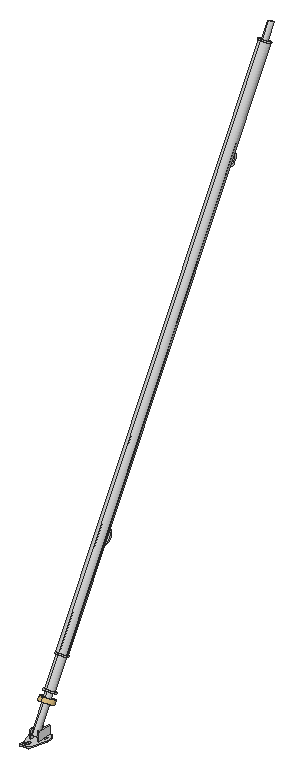
Revit family "PUSH-PULL PROP 6-10_1900207", category Generic Models, Revit 2018
Family settings
  Can host rebar = No
  Round Connector Dimension = Use Diameter
  Part Type = Normal
  OmniClass Number = 35.51.14.00
  OmniClass Title = FORMWORK
  Work Plane-Based = Yes
  Always vertical = No
  Cut with Voids When Loaded = No
  Shared = Yes
  Room Calculation Point = No
Parameters
  VERSION = "20170217"  # constant formula
  URL = "www.ulmaconstruction.com/en"
  UNICLASS = ""
  Manufacturer = "ULMA CONSTRUCTION"  # constant formula
  LENGTH [instance] = 6000.000 mm
  ITEM_CODE = "1900207"
  FILTER [instance] = ""
  Default Elevation = 0.000 mm
  CLASSIFICATION_TITLE = ""
  CLASSIFICATION_NUMBER = ""
  ANGLE [instance] = 30.00°
Reference planes
  plane 1 "Centro (Frontal/Posterior)": y = 0
  plane 2: z = 0
  plane 3 "Centro (Izquierda/Derecha)": x = 0
  plane 4: y = 90
  plane 5: z = 70
Forms (mm)
  Extrusion 1, solid, material "ULMA ZINC", detail levels fine
    sketch origin (0, 0, 0) x (0, 1, 0) y (-1, 0, 0)
      loop
        arc (214.96, 42) -> (199.641, 76.056) -> (165, 90) r 50
        line (165, 90) -> (125, 90) -> (-15, 44.511) -> (-15, 12.5) -> (0, 12.5)
        arc (0, 12.5) -> (12.5, 0) -> (0, -12.5) r 12.5
        line (0, -12.5) -> (-27.5, -12.5)
        arc (-27.5, -12.5) -> (-36.339, -8.839) -> (-40, 0) r 12.5
        line (-40, 0) -> (-40, 45) -> (-65, 45) -> (-65, -22.272)
        arc (-65, -22.272) -> (-58.478, -40.947) -> (-41.749, -51.503) r 30
        line (-41.749, -51.503) -> (125, -90) -> (165, -90)
        arc (165, -90) -> (199.641, -76.056) -> (214.96, -42) r 50
        line (214.96, -42) -> (214.96, 42)
      loop
        circle (140, 65) r 10.5
      loop
        circle (140, -65) r 10.5
    from 0 to 10
  Extrusion 2, solid, material "ULMA ZINC", detail levels fine
    sketch origin (0, 0, 0) x (0, 1, 0) y (0, 0, 1)
      loop
        line (65, 10) -> (215, 10) -> (215, 85) -> (205, 95) -> (75, 95) -> (65, 85) -> (65, 10)
    from -42 to -32
  Extrusion 3, solid, material "ULMA ZINC", detail levels fine
    sketch origin (0, 0, 0) x (0, 1, 0) y (0, 0, 1)
      loop
        line (65, 10) -> (215, 10) -> (215, 85) -> (205, 95) -> (75, 95) -> (65, 85) -> (65, 10)
    from 32 to 42
  Extrusion 4, solid, material "ULMA ZINC", detail levels coarse+medium
    sketch origin (0, 0, 0) x (0, 1, 0) y (-1, 0, 0)
      loop
        arc (214.96, 42) -> (199.641, 76.056) -> (165, 90) r 50
        line (165, 90) -> (125, 90) -> (-65, 28.265) -> (-65, -46.135) -> (125, -90) -> (165, -90)
        arc (165, -90) -> (199.641, -76.056) -> (214.96, -42) r 50
        line (214.96, -42) -> (214.96, 42)
    from 0 to 10
  Extrusion 5, solid, material "ULMA ZINC", detail levels coarse+medium
    sketch origin (0, 0, 0) x (0, 1, 0) y (0, 0, 1)
      loop
        line (65, 10) -> (215, 10) -> (215, 95) -> (65, 95) -> (65, 10)
    from -42 to 42
Cuts and joins
  joined: Extrusion 1, Extrusion 2
Lines and regions (mm)
  model lines, style "ULMA PUSH-PULL PROP", detail levels fine
    curve 1: circle (42, 190, 70) r 8.5 normal (1, 0, 0)
    curve 2: circle (42, 90, 70) r 8.5 normal (1, 0, 0)
    curve 3: circle (-42, 190, 70) r 8.5 normal (1, 0, 0)
    curve 4: circle (-42, 90, 70) r 8.5 normal (1, 0, 0)
    curve 5: circle (-32, 190, 70) r 8.5 normal (1, 0, 0)
    curve 6: circle (-32, 90, 70) r 8.5 normal (1, 0, 0)
    curve 7: circle (32, 190, 70) r 8.5 normal (1, 0, 0)
    curve 8: circle (32, 90, 70) r 8.5 normal (1, 0, 0)
  reference lines
    curve 9: line (0, 90, 70) -> (0, 402.5, 611.266)
Dimensions and locks
  locked: plane 1 "Centro (Frontal/Posterior)" to plane 4 at 90
  locked: plane 2 to plane 5 at 70
  "ANGLE": angle curve 9 to plane 4
  aligned and locked: level to plane 2
  aligned and locked: plane 4 to curve 9
  aligned and locked: plane 5 to curve 9
Automatic sketch dimensions
  Extrusion 1 sketch curve to plane 3 "Centro (Izquierda/Derecha)" = 0.000 mm  (x2)
  plane 1 "Centro (Frontal/Posterior)" to Extrusion 1 sketch curve = 0.000 mm
  Extrusion 1 sketch curve to Extrusion 1 sketch curve = 15.000 mm  (x3)
  plane 3 "Centro (Izquierda/Derecha)" to Extrusion 1 sketch curve = 12.500 mm
  Extrusion 1 sketch curve to Extrusion 1 sketch curve = 27.500 mm
  Extrusion 1 sketch curve to Extrusion 1 sketch curve = 7.500 mm
  Extrusion 1 sketch curve to Extrusion 1 sketch curve = 6.749 mm
  Extrusion 1 sketch curve to Extrusion 1 sketch curve = 25.000 mm  (x5)
  plane 4 to Extrusion 1 sketch curve = 35.000 mm  (x2)
  Extrusion 1 sketch curve to Extrusion 1 sketch curve = 49.960 mm
  plane 3 "Centro (Izquierda/Derecha)" to Extrusion 1 sketch curve = 22.272 mm
  plane 3 "Centro (Izquierda/Derecha)" to Extrusion 1 sketch curve = 40.000 mm
  plane 3 "Centro (Izquierda/Derecha)" to Extrusion 1 sketch curve = 42.000 mm
  Extrusion 1 sketch curve to plane 3 "Centro (Izquierda/Derecha)" = 40.000 mm
  Extrusion 1 sketch curve to plane 3 "Centro (Izquierda/Derecha)" = 42.000 mm
  Extrusion 1 sketch curve to Extrusion 1 sketch curve = 32.011 mm
  Extrusion 1 sketch curve to Extrusion 1 sketch curve = 0.489 mm
  level to Extrusion 2 sketch curve = 10.000 mm
  Extrusion 2 sketch curve to plane 4 = 25.000 mm
  Extrusion 2 sketch curve to Extrusion 2 sketch curve = 10.000 mm  (x4)
  Extrusion 2 sketch curve to plane 5 = 25.000 mm
  plane 4 to Extrusion 2 sketch curve = 115.000 mm
  level to Extrusion 3 sketch curve = 10.000 mm
  Extrusion 3 sketch curve to plane 4 = 25.000 mm
  Extrusion 3 sketch curve to Extrusion 3 sketch curve = 10.000 mm  (x4)
  Extrusion 3 sketch curve to plane 5 = 25.000 mm
  plane 4 to Extrusion 3 sketch curve = 115.000 mm
  curve 2 to Extrusion 3 = 25.000 mm  (x2)
  curve 1 to Extrusion 3 = 25.000 mm  (x2)
  Extrusion 2 to curve 4 = 25.000 mm  (x2)
  Extrusion 2 to curve 3 = 25.000 mm  (x2)
  curve 6 to Extrusion 2 = 25.000 mm  (x2)
  curve 5 to Extrusion 2 = 25.000 mm  (x2)
  Extrusion 3 to curve 8 = 25.000 mm  (x2)
  Extrusion 3 to curve 7 = 25.000 mm  (x2)
  plane 4 to Extrusion 4 sketch curve = 35.000 mm  (x2)
  Extrusion 4 sketch curve to Extrusion 4 sketch curve = 49.960 mm
  plane 3 "Centro (Izquierda/Derecha)" to Extrusion 4 sketch curve = 46.135 mm
  plane 3 "Centro (Izquierda/Derecha)" to Extrusion 4 sketch curve = 40.000 mm
  plane 3 "Centro (Izquierda/Derecha)" to Extrusion 4 sketch curve = 42.000 mm
  Extrusion 4 sketch curve to plane 3 "Centro (Izquierda/Derecha)" = 40.000 mm
  Extrusion 4 sketch curve to plane 3 "Centro (Izquierda/Derecha)" = 42.000 mm
  Extrusion 4 sketch curve to plane 3 "Centro (Izquierda/Derecha)" = 28.265 mm
  plane 1 "Centro (Frontal/Posterior)" to Extrusion 4 sketch curve = 65.000 mm
  Extrusion 4 sketch curve to Extrusion 4 sketch curve = 40.000 mm  (x2)
  level to Extrusion 5 sketch curve = 10.000 mm
  Extrusion 5 sketch curve to plane 4 = 25.000 mm
  Extrusion 5 sketch curve to plane 5 = 25.000 mm
  plane 4 to Extrusion 5 sketch curve = 125.000 mm
  radius of Extrusion 1 sketch curve = 10.500 mm  (x2)
  radius of curve 1 = 8.500 mm
  radius of curve 2 = 8.500 mm
  radius of curve 3 = 8.500 mm
  radius of curve 4 = 8.500 mm
  radius of curve 5 = 8.500 mm
  radius of curve 6 = 8.500 mm
  radius of curve 7 = 8.500 mm
  radius of curve 8 = 8.500 mm
Nested families
  nested 1: "ESTABILIZADOR 6-10_1900207" at (0, 90, 70) x (0, 0.5, 0.866) z (1, 0, 0), LENGTH <- "LENGTH", type "ESTABILIZADOR 6-10_1900207"
    with LENGTH 6000.000 mm, ITEM_LENGTH 6000.000 mm, FILTER ""
Definition of nested family "ESTABILIZADOR 6-10_1900207"
  Parameters (values of type "ESTABILIZADOR 6-10_1900207")
    VERSION = "20170217"  # constant formula
    URL = "www.ulmaconstruction.com/en"
    UNICLASS = ""
    Manufacturer = "ULMA CONSTRUCTION"  # constant formula
    LENGTH [instance] = 6000.000 mm
    ITEM_LENGTH [instance] = if(LENGTH < 6000.000 mm, 6000.000 mm, if(LENGTH < 10000.000 mm, LENGTH, 10000.000 mm))  # 6000.000 mm
    FILTER [instance] = ""
    Default Elevation = 0.000 mm
    CLASSIFICATION_TITLE = ""
    CLASSIFICATION_NUMBER = ""
  Reference planes
    plane 1 "Centro (Frontal/Posterior)": y = 0
    plane 2: z = 0
    plane 3 "Centro (Izquierda/Derecha)": x = 0
    plane 4 "ITEM_LENGTH": x = 6000
    plane 5: x = 6030
    plane 6: x = 5870
    plane 7: x = 662
    plane 8: x = 5353
    plane 9: x = 353
    plane 10: x = 4862
    plane 11: x = 5003
    plane 12: x = 1662
  Forms (mm)
    Extrusion 1, solid, detail levels fine
      sketch origin (0, 0, 0) x (0, 1, 0) y (0, 0, 1)
        loop
          circle (0, 0) r 24
      from 5870 to 6030
    Extrusion 2, void
      sketch origin (0, 0, 0) x (1, 0, 0) y (0, 1, 0)
        loop
          circle (6000, 0) r 8.25
      from -24 to 24
    Extrusion 3, solid, detail levels fine
      sketch origin (0, 0, 0) x (0, 1, 0) y (0, 0, 1)
        loop
          circle (0, 0) r 56
      from 5862 to 5870
    Extrusion 4, solid, detail levels fine
      sketch origin (0, 0, 0) x (0, 1, 0) y (0, 0, 1)
        loop
          circle (0, 0) r 50.8
      from 662 to 5862
    Extrusion 5, solid, detail levels fine
      sketch origin (0, 0, 0) x (0, 1, 0) y (0, 0, 1)
        loop
          circle (0, 0) r 56
      from 654 to 662
    Extrusion 6, solid, detail levels fine
      sketch origin (0, 0, 0) x (0, 1, 0) y (0, 0, 1)
        loop
          circle (0, 0) r 44.45
      from 353 to 5353
    Extrusion 7, solid, detail levels fine
      sketch origin (0, 0, 0) x (0, 1, 0) y (0, 0, 1)
        loop
          circle (0, 0) r 56
      from 345 to 353
    Extrusion 8, solid, detail levels fine
      sketch origin (0, 0, 0) x (0, 1, 0) y (0, 0, 1)
        loop
          circle (0, 0) r 30
      from -30 to 345
    Extrusion 9, solid, detail levels fine
      sketch origin (0, 0, 0) x (0, 1, 0) y (0, 0, 1)
        loop
          circle (0, 0) r 70
      from 251 to 291
    Extrusion 10, solid, detail levels fine
      sketch origin (-141, 0, 0) x (1, 0, 0) y (0, 1, 0)
        loop
          arc (4928.086, -47.2) -> (5003, -125.8) -> (5077.914, -47.2) r 75
          line (5077.914, -47.2) -> (5067.9, -47.2)
          arc (5067.9, -47.2) -> (5003, -115.8) -> (4938.1, -47.2) r 65
          line (4938.1, -47.2) -> (4928.086, -47.2)
      from -10 to 10
    Extrusion 11, solid, not visible, detail levels fine
      sketch origin (0, 0, 0) x (1, 0, 0) y (0, 1, 0)
        loop
          arc (4928.086, -47.2) -> (5003, -125.8) -> (5077.914, -47.2) r 75
          line (5077.914, -47.2) -> (5067.9, -47.2)
          arc (5067.9, -47.2) -> (5003, -115.8) -> (4938.1, -47.2) r 65
          line (4938.1, -47.2) -> (4928.086, -47.2)
      from -10 to 10
    Extrusion 12, solid, detail levels fine
      sketch origin (-3341, 0, 0) x (1, 0, 0) y (0, 1, 0)
        loop
          arc (4928.086, -47.2) -> (5003, -125.8) -> (5077.914, -47.2) r 75
          line (5077.914, -47.2) -> (5067.9, -47.2)
          arc (5067.9, -47.2) -> (5003, -115.8) -> (4938.1, -47.2) r 65
          line (4938.1, -47.2) -> (4928.086, -47.2)
      from -10 to 10
    Extrusion 13, solid, detail levels coarse+medium
      sketch origin (0, 0, 0) x (0, 1, 0) y (0, 0, 1)
        loop
          circle (0, 0) r 30
      from -30 to 6030
  Cuts and joins
    Extrusion 2 cuts Extrusion 1
    joined: Extrusion 7, Extrusion 8
  Lines and regions (mm)
    model lines
      curve 1: line (0, 0, 0) -> (6000, 0, 0)
  Dimensions and locks
    "ITEM_LENGTH": plane 3 "Centro (Izquierda/Derecha)" to plane 4 "ITEM_LENGTH"
    locked: plane 4 "ITEM_LENGTH" to plane 5 at 30
    locked: plane 6 to plane 4 "ITEM_LENGTH" at 130
    locked: Extrusion 3 to plane 6 at 8
    locked: plane 7 to plane 4 "ITEM_LENGTH" at 5338
    locked: Extrusion 5 to plane 7 at 8
    locked: plane 3 "Centro (Izquierda/Derecha)" to plane 8 at 5353
    locked: plane 3 "Centro (Izquierda/Derecha)" to plane 9 at 353
    locked: Extrusion 7 to plane 9 at 8
    locked: Extrusion 8 to plane 3 "Centro (Izquierda/Derecha)" at 30
    locked: plane 3 "Centro (Izquierda/Derecha)" to Extrusion 9 at 251
    locked: Extrusion 9 to Extrusion 9 at 40
    locked: plane 10 to plane 4 "ITEM_LENGTH" at 1138
    locked: plane 12 to plane 10 at 3200
    aligned and locked: level to plane 2
    aligned and locked: plane 5 to Extrusion 1
    aligned and locked: plane 6 to Extrusion 1
    aligned and locked: plane 6 to Extrusion 3
    aligned and locked: Extrusion 4 to Extrusion 3
    aligned and locked: Extrusion 4 to plane 7
    aligned and locked: plane 7 to Extrusion 5
    aligned and locked: plane 8 to Extrusion 6
    aligned and locked: Extrusion 6 to plane 9
    aligned and locked: plane 9 to Extrusion 7
    aligned and locked: Extrusion 8 to Extrusion 7
    aligned and locked: plane 4 "ITEM_LENGTH" to curve 1
    aligned and locked: plane 5 to Extrusion 13
  Automatic sketch dimensions
    Extrusion 1 sketch curve to level = 0.000 mm
    Extrusion 1 sketch curve to plane 1 "Centro (Frontal/Posterior)" = 0.000 mm
    plane 1 "Centro (Frontal/Posterior)" to Extrusion 2 sketch curve = 0.000 mm
    Extrusion 2 sketch curve to plane 4 "ITEM_LENGTH" = 0.000 mm
    Extrusion 3 sketch curve to level = 0.000 mm
    Extrusion 3 sketch curve to plane 1 "Centro (Frontal/Posterior)" = 0.000 mm
    Extrusion 4 sketch curve to level = 0.000 mm
    Extrusion 4 sketch curve to plane 1 "Centro (Frontal/Posterior)" = 0.000 mm
    Extrusion 5 sketch curve to level = 0.000 mm
    Extrusion 5 sketch curve to plane 1 "Centro (Frontal/Posterior)" = 0.000 mm
    Extrusion 6 sketch curve to level = 0.000 mm
    Extrusion 6 sketch curve to plane 1 "Centro (Frontal/Posterior)" = 0.000 mm
    Extrusion 7 sketch curve to level = 0.000 mm
    Extrusion 7 sketch curve to plane 1 "Centro (Frontal/Posterior)" = 0.000 mm
    Extrusion 8 sketch curve to level = 0.000 mm
    Extrusion 8 sketch curve to plane 1 "Centro (Frontal/Posterior)" = 0.000 mm
    Extrusion 9 sketch curve to level = 0.000 mm
    Extrusion 9 sketch curve to plane 1 "Centro (Frontal/Posterior)" = 0.000 mm
    Extrusion 10 sketch curve to Extrusion 10 sketch curve = 0.000 mm  (x3)
    Extrusion 10 sketch curve to plane 10 = 0.000 mm
    Extrusion 10 sketch curve to Extrusion 10 sketch curve = 10.013 mm  (x2)
    plane 10 to Extrusion 10 sketch curve = 64.900 mm
    Extrusion 10 sketch curve to Extrusion 10 sketch curve = 3.600 mm
    Extrusion 11 sketch curve to Extrusion 11 sketch curve = 0.000 mm  (x3)
    Extrusion 11 sketch curve to plane 11 = 0.000 mm
    Extrusion 11 sketch curve to Extrusion 11 sketch curve = 10.013 mm  (x2)
    plane 11 to Extrusion 11 sketch curve = 64.900 mm
    Extrusion 11 sketch curve to Extrusion 11 sketch curve = 3.600 mm
    Extrusion 12 sketch curve to Extrusion 12 sketch curve = 0.000 mm  (x3)
    Extrusion 12 sketch curve to plane 12 = 0.000 mm
    Extrusion 12 sketch curve to Extrusion 12 sketch curve = 10.013 mm  (x2)
    plane 12 to Extrusion 12 sketch curve = 64.900 mm
    Extrusion 12 sketch curve to Extrusion 12 sketch curve = 3.600 mm
    plane 1 "Centro (Frontal/Posterior)" to curve 1 = 0.000 mm
    curve 1 to plane 3 "Centro (Izquierda/Derecha)" = 0.000 mm
    Extrusion 13 sketch curve to level = 0.000 mm
    Extrusion 13 sketch curve to plane 1 "Centro (Frontal/Posterior)" = 0.000 mm
    radius of Extrusion 1 sketch curve = 24.000 mm
    radius of Extrusion 2 sketch curve = 8.250 mm
    radius of Extrusion 3 sketch curve = 56.000 mm
    radius of Extrusion 4 sketch curve = 50.800 mm
    radius of Extrusion 5 sketch curve = 56.000 mm
    radius of Extrusion 6 sketch curve = 44.450 mm
    radius of Extrusion 7 sketch curve = 56.000 mm
    radius of Extrusion 8 sketch curve = 30.000 mm
    radius of Extrusion 9 sketch curve = 70.000 mm
    radius of Extrusion 13 sketch curve = 30.000 mm
